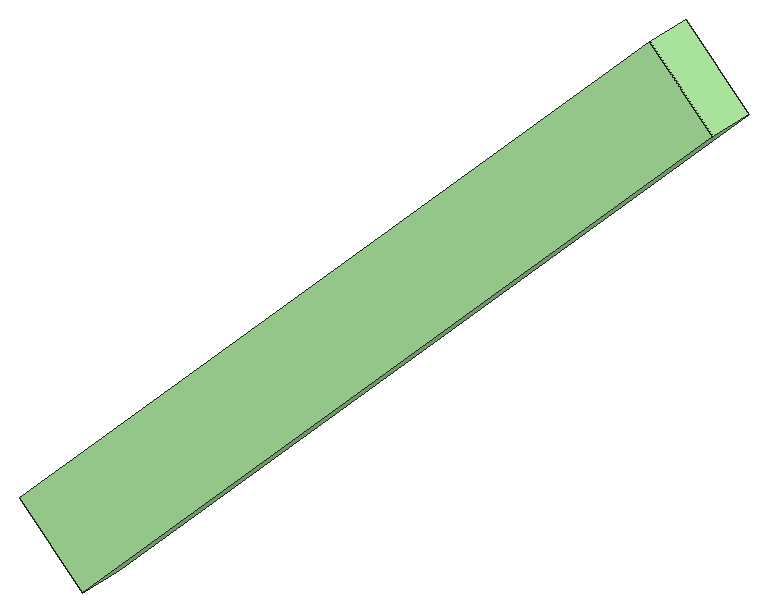
Revit family "ダクトサポート_溝形鋼", category Generic Models, Revit 2023
Family settings
  Can host rebar = No
  Round Connector Dimension = Use Diameter
  Part Type = Normal
  Work Plane-Based = Yes
  Always vertical = No
  Cut with Voids When Loaded = No
  Maintain Annotation Orientation = No
  Shared = No
  Room Calculation Point = No
Parameters (values of type "C 100 x 50")
  高さ = 100 mm
  長辺 [instance] = 長さ  # 1000 mm
  長さ [instance] = 1000 mm
  部屋名 = ""
  角度 [instance] = 45.00°
  Default Elevation = 1219.2 mm
  構造マテリアル = E202_ダクトサポート
  幅 = 50 mm
Types (10, lengths in mm): name | 高さ | 幅
  C 100 x 50 | 100 | 50
  C 125 x 65 | 125 | 65
  C 150 x 75 | 150 | 75
  C 180 x 75 | 180 | 75
  C 200 x 80 | 200 | 80
  C 200 x 90 | 200 | 90
  C 250 x 90 | 250 | 90
  C 300 x 90 | 300 | 90
  C 380 x 100 | 380 | 100
  C 75 x 40 | 75 | 40
Reference planes
  plane 1 "中心(正面/背面)": y = 0
  plane 2: z = 0
  plane 3 "中心(左/右)": x = 0
Lines and regions (mm)
  reference lines
    curve 1: line (0, 0, 0) -> (777.817, 0, 777.817)
    curve 2: line (35.355, 0, -35.355) -> (-35.355, 0, 35.355)
    curve 3: line (742.462, 0, 671.751) -> (671.751, 0, 742.462)
Dimensions and locks
  equal spacing: curve 2, curve 1, curve 2
  "高さ": curve 2 to curve 2
  equal spacing: curve 3, curve 1, curve 3
  "高さ": curve 3 to curve 3
  "長さ": curve 3 to curve 2
  "角度": angle level to curve 1
  angle curve 2 to curve 1 = 90.00°
  angle curve 3 to curve 1 = 90.00°
  aligned and locked: level to plane 2
  aligned and locked: level to curve 1
  aligned and locked: plane 3 "中心(左/右)" to curve 1
  aligned and locked: nested 1 to curve 1
Nested families
  nested 1: "溝形鋼" at (-35.355, 0, 35.355) x (0, 1, 0) z (0.7071, 0, -0.7071), 長さ <- "長さ", type "C 100 x 50"
    with 長辺 1000 mm, 長さ 1000 mm, 高さ 100 mm, 幅 50 mm
Definition of nested family "溝形鋼"
  Parameters (values of type "Ｈ 150 x 150")
    高さ = 150 mm
    長辺 [instance] = 長さ  # 500 mm
    長さ [instance] = 500 mm
    部屋名 = ""
    Default Elevation = 1219.2 mm
    構造マテリアル = none
    幅 = 150 mm
  Types (33, lengths in mm): name | 高さ | 長辺 | 長さ | 幅
    Ｈ 900 x 300 | 900 | 1000 | 1000 | 300
    Ｈ 800 x 300 | 800 | 1000 | 1000 | 300
    Ｈ 700 x 300 | 700 | 1000 | 1000 | 300
    Ｈ 588 x 300 | 588 | 1000 | 1000 | 300
    Ｈ 600 x 200 | 600 | 1000 | 1000 | 200
    Ｈ 488 x 300 | 488 | 1000 | 1000 | 300
    Ｈ 500 x 200 | 500 | 1000 | 1000 | 200
    Ｈ 440 x 300 | 440 | 1000 | 1000 | 300
    Ｈ 450 x 200 | 450 | 1000 | 1000 | 200
    Ｈ 400 x 400 | 400 | 1000 | 1000 | 400
    Ｈ 390 x 300 | 390 | 1000 | 1000 | 300
    Ｈ 400 x 200 | 400 | 1000 | 1000 | 200
    Ｈ 350 x 350 | 350 | 1000 | 1000 | 350
    Ｈ 340 x 250 | 340 | 1000 | 1000 | 250
    Ｈ 294 x 200 | 294 | 1000 | 1000 | 200
    Ｈ 244 x 175 | 244 | 1000 | 1000 | 175
    Ｈ 350 x 175 | 350 | 1000 | 1000 | 175
    Ｈ 300 x 300 | 300 | 1000 | 1000 | 300
    Ｈ 300 x 150 | 300 | 500 | 500 | 150
    Ｈ 250 x 250 | 250 | 500 | 500 | 250
    Ｈ 250 x 125 | 250 | 500 | 500 | 125
    Ｈ 200 x 200 | 200 | 500 | 500 | 200
    Ｈ 194 x 150 | 194 | 500 | 500 | 150
    Ｈ 200 x 100 | 200 | 500 | 500 | 100
    Ｈ 175 x 175 | 175 | 500 | 500 | 175
    Ｈ 175 x 90 | 175 | 500 | 500 | 90
    Ｈ 150 x 150 | 150 | 500 | 500 | 150
    Ｈ 148 x 100 | 148 | 500 | 500 | 100
    Ｈ 150 x 75 | 150 | 500 | 500 | 75
    Ｈ 125 x 125 | 125 | 500 | 500 | 125
    Ｈ 125 x 60 | 125 | 500 | 500 | 60
    Ｈ 100 x100 | 100 | 500 | 500 | 100
    Ｈ 100 x 50 | 100 | 500 | 500 | 50
  Reference planes
    plane 1 "中心(正面/背面)": y = 0
    plane 2: z = 0
    plane 3 "中心(左/右)": x = 0
    plane 4: z = 75
    plane 5: z = 150
  Forms (mm)
    Extrusion 1, solid, material <- "構造マテリアル"
      sketch origin (0, 0, 0) x (1, 0, 0) y (0, 1, 0)
        loop
          line (-75, 500) -> (-75, 0) -> (75, 0) -> (75, 500) -> (-75, 500)
      from 0 to 150
  Lines and regions (mm)
    reference lines
      curve 1: line (75, 500, 0) -> (-75, 500, 0)
      curve 2: line (75, 0, 0) -> (-75, 0, 0)
  Dimensions and locks
    "長さ": curve 1 to curve 2
    "幅": Extrusion 1 to Extrusion 1
    equal spacing: Extrusion 1, plane 3 "中心(左/右)", Extrusion 1
    "幅": curve 1 to curve 1
    equal spacing: curve 1, plane 3 "中心(左/右)", curve 1
    "幅": curve 2 to curve 2
    equal spacing: curve 2, plane 3 "中心(左/右)", curve 2
    equal spacing: plane 5, plane 4, level
    "高さ": plane 5 to level
    aligned and locked: level to plane 2
    aligned and locked: Extrusion 1 to curve 2
    aligned and locked: curve 1 to Extrusion 1
    aligned and locked: plane 5 to Extrusion 1
  Automatic sketch dimensions
    Extrusion 1 sketch curve to plane 3 "中心(左/右)" = 75 mm
    plane 3 "中心(左/右)" to Extrusion 1 sketch curve = 75 mm
    plane 1 "中心(正面/背面)" to Extrusion 1 sketch curve = 0 mm
    Extrusion 1 sketch curve to plane 1 "中心(正面/背面)" = 500 mm
    plane 1 "中心(正面/背面)" to curve 2 = 0 mm
